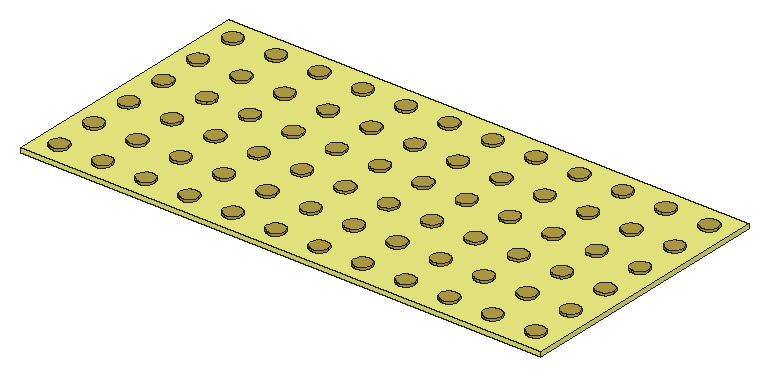
Revit family
Parameters
  폭 = 600 mm
  재료2 = 점자 블록 재료(2)
  재료 = 점자 블럭 재료
  높이 = 5 mm
  깊이 = 300 mm
Reference planes
  plane 1 "중심(앞/뒤)": y = 0
  plane 2: z = 0
  plane 3 "중심(왼쪽/오른쪽)": x = 0
  plane 4: x = 300
  plane 5: x = -300
  plane 6: y = 150
  plane 7: y = -150
  plane 8: z = 5
  plane 9: z = 7
Forms (mm)
  Extrusion 1, solid, material "점자 블럭 재료" <- "재료"
    sketch origin (0, 0, 0) x (1, 0, 0) y (0, 1, 0)
      loop
        line (-300, 150) -> (-300, -150) -> (300, -150) -> (300, 150) -> (-300, 150)
    from 0 to 5
  Extrusion 2, solid, material "점자 블록 재료(2)" <- "재료2"
    sketch origin (0, 0, 0) x (1, 0, 0) y (0, 1, 0)
      loop
        circle (-275, 125) r 10
    from 5 to 7
  Extrusion 3, solid, material "점자 블록 재료(2)" <- "재료2"
    sketch origin (50, 0, 0) x (1, 0, 0) y (0, 1, 0)
      loop
        circle (-275, 125) r 10
    from 5 to 7
  Extrusion 4, solid, material "점자 블록 재료(2)" <- "재료2"
    sketch origin (100, 0, 0) x (1, 0, 0) y (0, 1, 0)
      loop
        circle (-275, 125) r 10
    from 5 to 7
  Extrusion 5, solid, material "점자 블록 재료(2)" <- "재료2"
    sketch origin (150, 0, 0) x (1, 0, 0) y (0, 1, 0)
      loop
        circle (-275, 125) r 10
    from 5 to 7
  Extrusion 6, solid, material "점자 블록 재료(2)" <- "재료2"
    sketch origin (200, 0, 0) x (1, 0, 0) y (0, 1, 0)
      loop
        circle (-275, 125) r 10
    from 5 to 7
  Extrusion 7, solid, material "점자 블록 재료(2)" <- "재료2"
    sketch origin (250, 0, 0) x (1, 0, 0) y (0, 1, 0)
      loop
        circle (-275, 125) r 10
    from 5 to 7
  Extrusion 8, solid, material "점자 블록 재료(2)" <- "재료2"
    sketch origin (300, 0, 0) x (1, 0, 0) y (0, 1, 0)
      loop
        circle (-275, 125) r 10
    from 5 to 7
  Extrusion 9, solid, material "점자 블록 재료(2)" <- "재료2"
    sketch origin (350, 0, 0) x (1, 0, 0) y (0, 1, 0)
      loop
        circle (-275, 125) r 10
    from 5 to 7
  Extrusion 10, solid, material "점자 블록 재료(2)" <- "재료2"
    sketch origin (400, 0, 0) x (1, 0, 0) y (0, 1, 0)
      loop
        circle (-275, 125) r 10
    from 5 to 7
  Extrusion 11, solid, material "점자 블록 재료(2)" <- "재료2"
    sketch origin (450, 0, 0) x (1, 0, 0) y (0, 1, 0)
      loop
        circle (-275, 125) r 10
    from 5 to 7
  Extrusion 12, solid, material "점자 블록 재료(2)" <- "재료2"
    sketch origin (500, 0, 0) x (1, 0, 0) y (0, 1, 0)
      loop
        circle (-275, 125) r 10
    from 5 to 7
  Extrusion 13, solid, material "점자 블록 재료(2)" <- "재료2"
    sketch origin (550, 0, 0) x (1, 0, 0) y (0, 1, 0)
      loop
        circle (-275, 125) r 10
    from 5 to 7
  Extrusion 14, solid, material "점자 블록 재료(2)", not visible
    sketch origin (0, 0, 0) x (1, 0, 0) y (0, 1, 0)
      loop
        circle (-275, 125) r 10
    from 5 to 10
  Extrusion 15, solid, material "점자 블록 재료(2)" <- "재료2"
    sketch origin (0, -50, 0) x (1, 0, 0) y (0, 1, 0)
      loop
        circle (-275, 125) r 10
    from 5 to 7
  Extrusion 16, solid, material "점자 블록 재료(2)" <- "재료2"
    sketch origin (50, -50, 0) x (1, 0, 0) y (0, 1, 0)
      loop
        circle (-275, 125) r 10
    from 5 to 7
  Extrusion 17, solid, material "점자 블록 재료(2)" <- "재료2"
    sketch origin (100, -50, 0) x (1, 0, 0) y (0, 1, 0)
      loop
        circle (-275, 125) r 10
    from 5 to 7
  Extrusion 18, solid, material "점자 블록 재료(2)" <- "재료2"
    sketch origin (150, -50, 0) x (1, 0, 0) y (0, 1, 0)
      loop
        circle (-275, 125) r 10
    from 5 to 7
  Extrusion 19, solid, material "점자 블록 재료(2)" <- "재료2"
    sketch origin (200, -50, 0) x (1, 0, 0) y (0, 1, 0)
      loop
        circle (-275, 125) r 10
    from 5 to 7
  Extrusion 20, solid, material "점자 블록 재료(2)" <- "재료2"
    sketch origin (250, -50, 0) x (1, 0, 0) y (0, 1, 0)
      loop
        circle (-275, 125) r 10
    from 5 to 7
  Extrusion 21, solid, material "점자 블록 재료(2)" <- "재료2"
    sketch origin (300, -50, 0) x (1, 0, 0) y (0, 1, 0)
      loop
        circle (-275, 125) r 10
    from 5 to 7
  Extrusion 22, solid, material "점자 블록 재료(2)" <- "재료2"
    sketch origin (350, -50, 0) x (1, 0, 0) y (0, 1, 0)
      loop
        circle (-275, 125) r 10
    from 5 to 7
  Extrusion 23, solid, material "점자 블록 재료(2)" <- "재료2"
    sketch origin (400, -50, 0) x (1, 0, 0) y (0, 1, 0)
      loop
        circle (-275, 125) r 10
    from 5 to 7
  Extrusion 24, solid, material "점자 블록 재료(2)" <- "재료2"
    sketch origin (450, -50, 0) x (1, 0, 0) y (0, 1, 0)
      loop
        circle (-275, 125) r 10
    from 5 to 7
  Extrusion 25, solid, material "점자 블록 재료(2)" <- "재료2"
    sketch origin (500, -50, 0) x (1, 0, 0) y (0, 1, 0)
      loop
        circle (-275, 125) r 10
    from 5 to 7
  Extrusion 26, solid, material "점자 블록 재료(2)" <- "재료2"
    sketch origin (550, -50, 0) x (1, 0, 0) y (0, 1, 0)
      loop
        circle (-275, 125) r 10
    from 5 to 7
  Extrusion 27, solid, material "점자 블록 재료(2)" <- "재료2"
    sketch origin (0, -100, 0) x (1, 0, 0) y (0, 1, 0)
      loop
        circle (-275, 125) r 10
    from 5 to 7
  Extrusion 28, solid, material "점자 블록 재료(2)" <- "재료2"
    sketch origin (50, -100, 0) x (1, 0, 0) y (0, 1, 0)
      loop
        circle (-275, 125) r 10
    from 5 to 7
  Extrusion 29, solid, material "점자 블록 재료(2)" <- "재료2"
    sketch origin (100, -100, 0) x (1, 0, 0) y (0, 1, 0)
      loop
        circle (-275, 125) r 10
    from 5 to 7
  Extrusion 30, solid, material "점자 블록 재료(2)" <- "재료2"
    sketch origin (150, -100, 0) x (1, 0, 0) y (0, 1, 0)
      loop
        circle (-275, 125) r 10
    from 5 to 7
  Extrusion 31, solid, material "점자 블록 재료(2)" <- "재료2"
    sketch origin (200, -100, 0) x (1, 0, 0) y (0, 1, 0)
      loop
        circle (-275, 125) r 10
    from 5 to 7
  Extrusion 32, solid, material "점자 블록 재료(2)" <- "재료2"
    sketch origin (250, -100, 0) x (1, 0, 0) y (0, 1, 0)
      loop
        circle (-275, 125) r 10
    from 5 to 7
  Extrusion 33, solid, material "점자 블록 재료(2)" <- "재료2"
    sketch origin (300, -100, 0) x (1, 0, 0) y (0, 1, 0)
      loop
        circle (-275, 125) r 10
    from 5 to 7
  Extrusion 34, solid, material "점자 블록 재료(2)" <- "재료2"
    sketch origin (350, -100, 0) x (1, 0, 0) y (0, 1, 0)
      loop
        circle (-275, 125) r 10
    from 5 to 7
  Extrusion 35, solid, material "점자 블록 재료(2)" <- "재료2"
    sketch origin (400, -100, 0) x (1, 0, 0) y (0, 1, 0)
      loop
        circle (-275, 125) r 10
    from 5 to 7
  Extrusion 36, solid, material "점자 블록 재료(2)" <- "재료2"
    sketch origin (450, -100, 0) x (1, 0, 0) y (0, 1, 0)
      loop
        circle (-275, 125) r 10
    from 5 to 7
  Extrusion 37, solid, material "점자 블록 재료(2)" <- "재료2"
    sketch origin (500, -100, 0) x (1, 0, 0) y (0, 1, 0)
      loop
        circle (-275, 125) r 10
    from 5 to 7
  Extrusion 38, solid, material "점자 블록 재료(2)" <- "재료2"
    sketch origin (550, -100, 0) x (1, 0, 0) y (0, 1, 0)
      loop
        circle (-275, 125) r 10
    from 5 to 7
  Extrusion 39, solid, material "점자 블록 재료(2)" <- "재료2"
    sketch origin (0, -150, 0) x (1, 0, 0) y (0, 1, 0)
      loop
        circle (-275, 125) r 10
    from 5 to 7
  Extrusion 40, solid, material "점자 블록 재료(2)" <- "재료2"
    sketch origin (50, -150, 0) x (1, 0, 0) y (0, 1, 0)
      loop
        circle (-275, 125) r 10
    from 5 to 7
  Extrusion 41, solid, material "점자 블록 재료(2)" <- "재료2"
    sketch origin (100, -150, 0) x (1, 0, 0) y (0, 1, 0)
      loop
        circle (-275, 125) r 10
    from 5 to 7
  Extrusion 42, solid, material "점자 블록 재료(2)" <- "재료2"
    sketch origin (150, -150, 0) x (1, 0, 0) y (0, 1, 0)
      loop
        circle (-275, 125) r 10
    from 5 to 7
  Extrusion 43, solid, material "점자 블록 재료(2)" <- "재료2"
    sketch origin (200, -150, 0) x (1, 0, 0) y (0, 1, 0)
      loop
        circle (-275, 125) r 10
    from 5 to 7
  Extrusion 44, solid, material "점자 블록 재료(2)" <- "재료2"
    sketch origin (250, -150, 0) x (1, 0, 0) y (0, 1, 0)
      loop
        circle (-275, 125) r 10
    from 5 to 7
  Extrusion 45, solid, material "점자 블록 재료(2)" <- "재료2"
    sketch origin (300, -150, 0) x (1, 0, 0) y (0, 1, 0)
      loop
        circle (-275, 125) r 10
    from 5 to 7
  Extrusion 46, solid, material "점자 블록 재료(2)" <- "재료2"
    sketch origin (350, -150, 0) x (1, 0, 0) y (0, 1, 0)
      loop
        circle (-275, 125) r 10
    from 5 to 7
  Extrusion 47, solid, material "점자 블록 재료(2)" <- "재료2"
    sketch origin (400, -150, 0) x (1, 0, 0) y (0, 1, 0)
      loop
        circle (-275, 125) r 10
    from 5 to 7
  Extrusion 48, solid, material "점자 블록 재료(2)" <- "재료2"
    sketch origin (450, -150, 0) x (1, 0, 0) y (0, 1, 0)
      loop
        circle (-275, 125) r 10
    from 5 to 7
  Extrusion 49, solid, material "점자 블록 재료(2)" <- "재료2"
    sketch origin (500, -150, 0) x (1, 0, 0) y (0, 1, 0)
      loop
        circle (-275, 125) r 10
    from 5 to 7
  Extrusion 50, solid, material "점자 블록 재료(2)" <- "재료2"
    sketch origin (550, -150, 0) x (1, 0, 0) y (0, 1, 0)
      loop
        circle (-275, 125) r 10
    from 5 to 7
  Extrusion 51, solid, material "점자 블록 재료(2)" <- "재료2"
    sketch origin (0, -200, 0) x (1, 0, 0) y (0, 1, 0)
      loop
        circle (-275, 125) r 10
    from 5 to 7
  Extrusion 52, solid, material "점자 블록 재료(2)" <- "재료2"
    sketch origin (50, -200, 0) x (1, 0, 0) y (0, 1, 0)
      loop
        circle (-275, 125) r 10
    from 5 to 7
  Extrusion 53, solid, material "점자 블록 재료(2)" <- "재료2"
    sketch origin (100, -200, 0) x (1, 0, 0) y (0, 1, 0)
      loop
        circle (-275, 125) r 10
    from 5 to 7
  Extrusion 54, solid, material "점자 블록 재료(2)" <- "재료2"
    sketch origin (150, -200, 0) x (1, 0, 0) y (0, 1, 0)
      loop
        circle (-275, 125) r 10
    from 5 to 7
  Extrusion 55, solid, material "점자 블록 재료(2)" <- "재료2"
    sketch origin (200, -200, 0) x (1, 0, 0) y (0, 1, 0)
      loop
        circle (-275, 125) r 10
    from 5 to 7
  Extrusion 56, solid, material "점자 블록 재료(2)" <- "재료2"
    sketch origin (250, -200, 0) x (1, 0, 0) y (0, 1, 0)
      loop
        circle (-275, 125) r 10
    from 5 to 7
  Extrusion 57, solid, material "점자 블록 재료(2)" <- "재료2"
    sketch origin (300, -200, 0) x (1, 0, 0) y (0, 1, 0)
      loop
        circle (-275, 125) r 10
    from 5 to 7
  Extrusion 58, solid, material "점자 블록 재료(2)" <- "재료2"
    sketch origin (350, -200, 0) x (1, 0, 0) y (0, 1, 0)
      loop
        circle (-275, 125) r 10
    from 5 to 7
  Extrusion 59, solid, material "점자 블록 재료(2)" <- "재료2"
    sketch origin (400, -200, 0) x (1, 0, 0) y (0, 1, 0)
      loop
        circle (-275, 125) r 10
    from 5 to 7
  Extrusion 60, solid, material "점자 블록 재료(2)" <- "재료2"
    sketch origin (450, -200, 0) x (1, 0, 0) y (0, 1, 0)
      loop
        circle (-275, 125) r 10
    from 5 to 7
  Extrusion 61, solid, material "점자 블록 재료(2)" <- "재료2"
    sketch origin (500, -200, 0) x (1, 0, 0) y (0, 1, 0)
      loop
        circle (-275, 125) r 10
    from 5 to 7
  Extrusion 62, solid, material "점자 블록 재료(2)" <- "재료2"
    sketch origin (550, -200, 0) x (1, 0, 0) y (0, 1, 0)
      loop
        circle (-275, 125) r 10
    from 5 to 7
  Extrusion 63, solid, material "점자 블록 재료(2)" <- "재료2"
    sketch origin (0, -250, 0) x (1, 0, 0) y (0, 1, 0)
      loop
        circle (-275, 125) r 10
    from 5 to 7
  Extrusion 64, solid, material "점자 블록 재료(2)" <- "재료2"
    sketch origin (50, -250, 0) x (1, 0, 0) y (0, 1, 0)
      loop
        circle (-275, 125) r 10
    from 5 to 7
  Extrusion 65, solid, material "점자 블록 재료(2)" <- "재료2"
    sketch origin (100, -250, 0) x (1, 0, 0) y (0, 1, 0)
      loop
        circle (-275, 125) r 10
    from 5 to 7
  Extrusion 66, solid, material "점자 블록 재료(2)" <- "재료2"
    sketch origin (150, -250, 0) x (1, 0, 0) y (0, 1, 0)
      loop
        circle (-275, 125) r 10
    from 5 to 7
  Extrusion 67, solid, material "점자 블록 재료(2)" <- "재료2"
    sketch origin (200, -250, 0) x (1, 0, 0) y (0, 1, 0)
      loop
        circle (-275, 125) r 10
    from 5 to 7
  Extrusion 68, solid, material "점자 블록 재료(2)" <- "재료2"
    sketch origin (250, -250, 0) x (1, 0, 0) y (0, 1, 0)
      loop
        circle (-275, 125) r 10
    from 5 to 7
  Extrusion 69, solid, material "점자 블록 재료(2)" <- "재료2"
    sketch origin (300, -250, 0) x (1, 0, 0) y (0, 1, 0)
      loop
        circle (-275, 125) r 10
    from 5 to 7
  Extrusion 70, solid, material "점자 블록 재료(2)" <- "재료2"
    sketch origin (350, -250, 0) x (1, 0, 0) y (0, 1, 0)
      loop
        circle (-275, 125) r 10
    from 5 to 7
  Extrusion 71, solid, material "점자 블록 재료(2)" <- "재료2"
    sketch origin (400, -250, 0) x (1, 0, 0) y (0, 1, 0)
      loop
        circle (-275, 125) r 10
    from 5 to 7
  Extrusion 72, solid, material "점자 블록 재료(2)" <- "재료2"
    sketch origin (450, -250, 0) x (1, 0, 0) y (0, 1, 0)
      loop
        circle (-275, 125) r 10
    from 5 to 7
  Extrusion 73, solid, material "점자 블록 재료(2)" <- "재료2"
    sketch origin (500, -250, 0) x (1, 0, 0) y (0, 1, 0)
      loop
        circle (-275, 125) r 10
    from 5 to 7
  Extrusion 74, solid, material "점자 블록 재료(2)" <- "재료2"
    sketch origin (550, -250, 0) x (1, 0, 0) y (0, 1, 0)
      loop
        circle (-275, 125) r 10
    from 5 to 7
Lines and regions (mm)
  sketch lines
    curve 1: line (-2000, 2000, 0) -> (2000, 2000, 0)
    curve 2: line (-2000, 2000, 0) -> (-2000, -2000, 0)
    curve 3: line (-2000, -2000, 0) -> (2000, -2000, 0)
    curve 4: line (2000, 2000, 0) -> (2000, -2000, 0)
  symbolic lines, not visible
    curve 5: circle (-275, 125, 0) r 10 normal (0, 0, 1)
  model lines
    curve 6: line (0, 150, 5) -> (0, -150, 5)
Dimensions and locks
  "폭": plane 5 to plane 4
  equal spacing: plane 5, plane 3 "중심(왼쪽/오른쪽)", plane 4
  equal spacing: plane 7, plane 1 "중심(앞/뒤)", plane 6
  "깊이": plane 7 to plane 6
  "높이": plane 8 to level
  locked: plane 9 to plane 8 at 2
  aligned and locked: plane 5 to Extrusion 1 sketch curve
  aligned and locked: plane 6 to Extrusion 1 sketch curve
  aligned and locked: plane 7 to Extrusion 1 sketch curve
  aligned and locked: Extrusion 1 sketch curve to plane 4
  aligned and locked: Extrusion 2 to Extrusion 1
  aligned and locked: plane 9 to Extrusion 63
  aligned and locked: plane 8 to Extrusion 63
  aligned and locked: plane 9 to Extrusion 51
  aligned and locked: plane 8 to Extrusion 51
  aligned and locked: plane 9 to Extrusion 39
  aligned and locked: plane 8 to Extrusion 39
  aligned and locked: plane 9 to Extrusion 27
  aligned and locked: plane 8 to Extrusion 27
  aligned and locked: plane 9 to Extrusion 15
  aligned and locked: plane 8 to Extrusion 15
  aligned and locked: plane 9 to Extrusion 2
  aligned and locked: plane 8 to Extrusion 2
  aligned and locked: plane 9 to Extrusion 64
  aligned and locked: plane 8 to Extrusion 64
  aligned and locked: plane 9 to Extrusion 52
  aligned and locked: plane 8 to Extrusion 52
  aligned and locked: plane 9 to Extrusion 40
  aligned and locked: plane 8 to Extrusion 40
  aligned and locked: Extrusion 28 to Extrusion 64
  aligned and locked: plane 8 to Extrusion 28
  aligned and locked: plane 9 to Extrusion 16
  aligned and locked: plane 8 to Extrusion 16
  aligned and locked: plane 9 to Extrusion 3
  aligned and locked: plane 8 to Extrusion 3
  aligned and locked: plane 9 to Extrusion 65
  aligned and locked: plane 8 to Extrusion 65
  aligned and locked: plane 9 to Extrusion 53
  aligned and locked: plane 8 to Extrusion 53
  aligned and locked: plane 9 to Extrusion 41
  aligned and locked: plane 8 to Extrusion 41
  aligned and locked: plane 9 to Extrusion 29
  aligned and locked: plane 8 to Extrusion 29
  aligned and locked: plane 9 to Extrusion 17
  aligned and locked: plane 8 to Extrusion 17
  aligned and locked: plane 9 to Extrusion 4
  aligned and locked: plane 8 to Extrusion 4
  aligned and locked: plane 9 to Extrusion 66
  aligned and locked: plane 8 to Extrusion 66
  aligned and locked: plane 9 to Extrusion 54
  aligned and locked: plane 8 to Extrusion 54
  aligned and locked: plane 9 to Extrusion 42
  aligned and locked: plane 8 to Extrusion 42
  aligned and locked: plane 9 to Extrusion 30
  aligned and locked: plane 8 to Extrusion 30
  aligned and locked: plane 9 to Extrusion 18
  aligned and locked: plane 8 to Extrusion 18
  aligned and locked: plane 9 to Extrusion 5
  aligned and locked: plane 8 to Extrusion 5
  aligned and locked: plane 9 to Extrusion 67
  aligned and locked: plane 8 to Extrusion 67
  aligned and locked: plane 9 to Extrusion 55
  aligned and locked: plane 8 to Extrusion 55
  aligned and locked: plane 9 to Extrusion 43
  aligned and locked: plane 8 to Extrusion 43
  aligned and locked: plane 9 to Extrusion 31
  aligned and locked: plane 8 to Extrusion 31
  aligned and locked: plane 9 to Extrusion 19
  aligned and locked: plane 8 to Extrusion 19
  aligned and locked: plane 9 to Extrusion 6
  aligned and locked: plane 8 to Extrusion 6
  aligned and locked: plane 9 to Extrusion 68
  aligned and locked: plane 8 to Extrusion 68
  aligned and locked: plane 9 to Extrusion 56
  aligned and locked: plane 8 to Extrusion 56
  aligned and locked: plane 9 to Extrusion 44
  aligned and locked: plane 8 to Extrusion 44
  aligned and locked: plane 8 to Extrusion 32
  aligned and locked: plane 9 to Extrusion 20
  aligned and locked: plane 8 to Extrusion 20
  aligned and locked: plane 9 to Extrusion 7
  aligned and locked: plane 8 to Extrusion 7
  aligned and locked: plane 9 to Extrusion 69
  aligned and locked: plane 8 to Extrusion 69
  aligned and locked: plane 9 to Extrusion 57
  aligned and locked: plane 8 to Extrusion 57
  aligned and locked: plane 9 to Extrusion 45
  aligned and locked: plane 8 to Extrusion 45
  aligned and locked: plane 9 to Extrusion 33
  aligned and locked: plane 8 to Extrusion 33
  aligned and locked: plane 9 to Extrusion 21
  aligned and locked: plane 8 to Extrusion 21
  aligned and locked: plane 9 to Extrusion 8
  aligned and locked: plane 8 to Extrusion 8
  aligned and locked: plane 9 to Extrusion 70
  aligned and locked: plane 8 to Extrusion 70
  aligned and locked: plane 9 to Extrusion 58
  aligned and locked: plane 8 to Extrusion 58
  aligned and locked: plane 9 to Extrusion 46
  aligned and locked: plane 8 to Extrusion 46
  aligned and locked: plane 9 to Extrusion 34
  aligned and locked: plane 8 to Extrusion 34
  aligned and locked: plane 9 to Extrusion 22
  aligned and locked: plane 8 to Extrusion 22
  aligned and locked: plane 9 to Extrusion 9
  aligned and locked: plane 8 to Extrusion 9
  aligned and locked: plane 9 to Extrusion 71
  aligned and locked: plane 8 to Extrusion 71
  aligned and locked: plane 9 to Extrusion 59
  aligned and locked: plane 8 to Extrusion 59
  aligned and locked: plane 9 to Extrusion 47
  aligned and locked: plane 8 to Extrusion 47
  aligned and locked: plane 9 to Extrusion 35
  aligned and locked: plane 8 to Extrusion 35
  aligned and locked: plane 9 to Extrusion 10
  aligned and locked: plane 8 to Extrusion 10
  aligned and locked: plane 9 to Extrusion 72
  aligned and locked: plane 8 to Extrusion 72
  aligned and locked: plane 9 to Extrusion 60
  aligned and locked: plane 8 to Extrusion 60
  aligned and locked: plane 9 to Extrusion 48
  aligned and locked: plane 8 to Extrusion 48
  aligned and locked: plane 9 to Extrusion 36
  aligned and locked: plane 8 to Extrusion 36
  aligned and locked: plane 9 to Extrusion 24
  aligned and locked: plane 8 to Extrusion 24
  aligned and locked: plane 9 to Extrusion 11
  aligned and locked: plane 8 to Extrusion 11
  aligned and locked: plane 9 to Extrusion 73
  aligned and locked: plane 8 to Extrusion 73
  aligned and locked: plane 9 to Extrusion 61
  aligned and locked: plane 8 to Extrusion 61
  aligned and locked: plane 9 to Extrusion 49
  aligned and locked: plane 8 to Extrusion 49
  aligned and locked: plane 9 to Extrusion 37
  aligned and locked: plane 8 to Extrusion 37
  aligned and locked: plane 9 to Extrusion 25
  aligned and locked: plane 8 to Extrusion 25
  aligned and locked: plane 9 to Extrusion 12
  aligned and locked: plane 8 to Extrusion 12
  aligned and locked: plane 9 to Extrusion 74
  aligned and locked: plane 8 to Extrusion 74
  aligned and locked: plane 9 to Extrusion 62
  aligned and locked: plane 8 to Extrusion 62
  aligned and locked: plane 9 to Extrusion 50
  aligned and locked: plane 8 to Extrusion 50
  aligned and locked: plane 9 to Extrusion 38
  aligned and locked: plane 8 to Extrusion 38
  aligned and locked: plane 9 to Extrusion 26
  aligned and locked: plane 8 to Extrusion 26
  aligned and locked: plane 9 to Extrusion 13
  aligned and locked: plane 8 to Extrusion 13
  aligned and locked: plane 9 to Extrusion 32
  aligned and locked: plane 8 to Extrusion 23
  aligned and locked: plane 9 to Extrusion 23
Automatic sketch dimensions
  curve 2 to curve 3 = 4000 mm
  curve 2 to curve 2 = 4000 mm
  Extrusion 13 sketch curve to plane 4 = 25 mm
  Extrusion 26 sketch curve to plane 4 = 25 mm
  Extrusion 38 sketch curve to plane 4 = 25 mm
  Extrusion 50 sketch curve to plane 4 = 25 mm
  Extrusion 62 sketch curve to plane 4 = 25 mm
  Extrusion 74 sketch curve to plane 4 = 25 mm
  plane 3 "중심(왼쪽/오른쪽)" to Extrusion 8 sketch curve = 25 mm
  plane 3 "중심(왼쪽/오른쪽)" to Extrusion 9 sketch curve = 75 mm
  plane 3 "중심(왼쪽/오른쪽)" to Extrusion 10 sketch curve = 125 mm
  Extrusion 11 sketch curve to plane 4 = 125 mm
  Extrusion 12 sketch curve to plane 4 = 75 mm
  plane 3 "중심(왼쪽/오른쪽)" to Extrusion 21 sketch curve = 25 mm
  plane 3 "중심(왼쪽/오른쪽)" to Extrusion 22 sketch curve = 75 mm
  plane 3 "중심(왼쪽/오른쪽)" to Extrusion 23 sketch curve = 125 mm
  Extrusion 24 sketch curve to plane 4 = 125 mm
  Extrusion 25 sketch curve to plane 4 = 75 mm
  plane 3 "중심(왼쪽/오른쪽)" to Extrusion 33 sketch curve = 25 mm
  plane 3 "중심(왼쪽/오른쪽)" to Extrusion 34 sketch curve = 75 mm
  plane 3 "중심(왼쪽/오른쪽)" to Extrusion 35 sketch curve = 125 mm
  Extrusion 36 sketch curve to plane 4 = 125 mm
  Extrusion 37 sketch curve to plane 4 = 75 mm
  plane 3 "중심(왼쪽/오른쪽)" to Extrusion 45 sketch curve = 25 mm
  plane 3 "중심(왼쪽/오른쪽)" to Extrusion 46 sketch curve = 75 mm
  plane 3 "중심(왼쪽/오른쪽)" to Extrusion 47 sketch curve = 125 mm
  Extrusion 48 sketch curve to plane 4 = 125 mm
  Extrusion 49 sketch curve to plane 4 = 75 mm
  plane 3 "중심(왼쪽/오른쪽)" to Extrusion 57 sketch curve = 25 mm
  plane 3 "중심(왼쪽/오른쪽)" to Extrusion 58 sketch curve = 75 mm
  plane 3 "중심(왼쪽/오른쪽)" to Extrusion 59 sketch curve = 125 mm
  Extrusion 60 sketch curve to plane 4 = 125 mm
  Extrusion 61 sketch curve to plane 4 = 75 mm
  plane 3 "중심(왼쪽/오른쪽)" to Extrusion 69 sketch curve = 25 mm
  plane 3 "중심(왼쪽/오른쪽)" to Extrusion 70 sketch curve = 75 mm
  plane 3 "중심(왼쪽/오른쪽)" to Extrusion 71 sketch curve = 125 mm
  Extrusion 72 sketch curve to plane 4 = 125 mm
  Extrusion 73 sketch curve to plane 4 = 75 mm
  Extrusion 7 sketch curve to plane 3 "중심(왼쪽/오른쪽)" = 25 mm
  Extrusion 20 sketch curve to plane 3 "중심(왼쪽/오른쪽)" = 25 mm
  Extrusion 32 sketch curve to plane 3 "중심(왼쪽/오른쪽)" = 25 mm
  Extrusion 44 sketch curve to plane 3 "중심(왼쪽/오른쪽)" = 25 mm
  Extrusion 56 sketch curve to plane 3 "중심(왼쪽/오른쪽)" = 25 mm
  Extrusion 68 sketch curve to plane 3 "중심(왼쪽/오른쪽)" = 25 mm
  plane 5 to Extrusion 2 sketch curve = 25 mm
  plane 5 to Extrusion 3 sketch curve = 75 mm
  plane 5 to Extrusion 4 sketch curve = 125 mm
  Extrusion 5 sketch curve to plane 3 "중심(왼쪽/오른쪽)" = 125 mm
  Extrusion 6 sketch curve to plane 3 "중심(왼쪽/오른쪽)" = 75 mm
  plane 5 to Extrusion 15 sketch curve = 25 mm
  plane 5 to Extrusion 16 sketch curve = 75 mm
  plane 5 to Extrusion 17 sketch curve = 125 mm
  Extrusion 18 sketch curve to plane 3 "중심(왼쪽/오른쪽)" = 125 mm
  Extrusion 19 sketch curve to plane 3 "중심(왼쪽/오른쪽)" = 75 mm
  plane 5 to Extrusion 27 sketch curve = 25 mm
  plane 5 to Extrusion 28 sketch curve = 75 mm
  plane 5 to Extrusion 29 sketch curve = 125 mm
  Extrusion 30 sketch curve to plane 3 "중심(왼쪽/오른쪽)" = 125 mm
  Extrusion 31 sketch curve to plane 3 "중심(왼쪽/오른쪽)" = 75 mm
  plane 5 to Extrusion 39 sketch curve = 25 mm
  plane 5 to Extrusion 40 sketch curve = 75 mm
  plane 5 to Extrusion 41 sketch curve = 125 mm
  Extrusion 42 sketch curve to plane 3 "중심(왼쪽/오른쪽)" = 125 mm
  Extrusion 43 sketch curve to plane 3 "중심(왼쪽/오른쪽)" = 75 mm
  plane 5 to Extrusion 51 sketch curve = 25 mm
  plane 5 to Extrusion 52 sketch curve = 75 mm
  plane 5 to Extrusion 53 sketch curve = 125 mm
  Extrusion 54 sketch curve to plane 3 "중심(왼쪽/오른쪽)" = 125 mm
  Extrusion 55 sketch curve to plane 3 "중심(왼쪽/오른쪽)" = 75 mm
  plane 5 to Extrusion 63 sketch curve = 25 mm
  plane 5 to Extrusion 64 sketch curve = 75 mm
  plane 5 to Extrusion 65 sketch curve = 125 mm
  Extrusion 66 sketch curve to plane 3 "중심(왼쪽/오른쪽)" = 125 mm
  Extrusion 67 sketch curve to plane 3 "중심(왼쪽/오른쪽)" = 75 mm
  plane 1 "중심(앞/뒤)" to Extrusion 39 sketch curve = 25 mm
  plane 1 "중심(앞/뒤)" to Extrusion 40 sketch curve = 25 mm
  plane 1 "중심(앞/뒤)" to Extrusion 41 sketch curve = 25 mm
  plane 1 "중심(앞/뒤)" to Extrusion 42 sketch curve = 25 mm
  plane 1 "중심(앞/뒤)" to Extrusion 43 sketch curve = 25 mm
  plane 1 "중심(앞/뒤)" to Extrusion 44 sketch curve = 25 mm
  plane 1 "중심(앞/뒤)" to Extrusion 45 sketch curve = 25 mm
  plane 1 "중심(앞/뒤)" to Extrusion 46 sketch curve = 25 mm
  plane 1 "중심(앞/뒤)" to Extrusion 47 sketch curve = 25 mm
  plane 1 "중심(앞/뒤)" to Extrusion 48 sketch curve = 25 mm
  plane 1 "중심(앞/뒤)" to Extrusion 49 sketch curve = 25 mm
  plane 1 "중심(앞/뒤)" to Extrusion 50 sketch curve = 25 mm
  plane 1 "중심(앞/뒤)" to Extrusion 51 sketch curve = 75 mm
  plane 1 "중심(앞/뒤)" to Extrusion 52 sketch curve = 75 mm
  plane 1 "중심(앞/뒤)" to Extrusion 53 sketch curve = 75 mm
  plane 1 "중심(앞/뒤)" to Extrusion 54 sketch curve = 75 mm
  plane 1 "중심(앞/뒤)" to Extrusion 55 sketch curve = 75 mm
  plane 1 "중심(앞/뒤)" to Extrusion 56 sketch curve = 75 mm
  plane 1 "중심(앞/뒤)" to Extrusion 57 sketch curve = 75 mm
  plane 1 "중심(앞/뒤)" to Extrusion 58 sketch curve = 75 mm
  plane 1 "중심(앞/뒤)" to Extrusion 59 sketch curve = 75 mm
  plane 1 "중심(앞/뒤)" to Extrusion 60 sketch curve = 75 mm
  plane 1 "중심(앞/뒤)" to Extrusion 61 sketch curve = 75 mm
  plane 1 "중심(앞/뒤)" to Extrusion 62 sketch curve = 75 mm
  Extrusion 63 sketch curve to plane 7 = 25 mm
  Extrusion 64 sketch curve to plane 7 = 25 mm
  Extrusion 65 sketch curve to plane 7 = 25 mm
  Extrusion 66 sketch curve to plane 7 = 25 mm
  Extrusion 67 sketch curve to plane 7 = 25 mm
  Extrusion 68 sketch curve to plane 7 = 25 mm
  Extrusion 69 sketch curve to plane 7 = 25 mm
  Extrusion 70 sketch curve to plane 7 = 25 mm
  Extrusion 71 sketch curve to plane 7 = 25 mm
  Extrusion 72 sketch curve to plane 7 = 25 mm
  Extrusion 73 sketch curve to plane 7 = 25 mm
  Extrusion 74 sketch curve to plane 7 = 25 mm
  plane 6 to Extrusion 2 sketch curve = 25 mm
  plane 6 to Extrusion 3 sketch curve = 25 mm
  plane 6 to Extrusion 4 sketch curve = 25 mm
  plane 6 to Extrusion 5 sketch curve = 25 mm
  plane 6 to Extrusion 6 sketch curve = 25 mm
  plane 6 to Extrusion 7 sketch curve = 25 mm
  plane 6 to Extrusion 8 sketch curve = 25 mm
  plane 6 to Extrusion 9 sketch curve = 25 mm
  plane 6 to Extrusion 10 sketch curve = 25 mm
  plane 6 to Extrusion 11 sketch curve = 25 mm
  plane 6 to Extrusion 12 sketch curve = 25 mm
  plane 6 to Extrusion 13 sketch curve = 25 mm
  Extrusion 15 sketch curve to plane 1 "중심(앞/뒤)" = 75 mm
  Extrusion 16 sketch curve to plane 1 "중심(앞/뒤)" = 75 mm
  Extrusion 17 sketch curve to plane 1 "중심(앞/뒤)" = 75 mm
  Extrusion 18 sketch curve to plane 1 "중심(앞/뒤)" = 75 mm
  Extrusion 19 sketch curve to plane 1 "중심(앞/뒤)" = 75 mm
  Extrusion 20 sketch curve to plane 1 "중심(앞/뒤)" = 75 mm
  Extrusion 21 sketch curve to plane 1 "중심(앞/뒤)" = 75 mm
  Extrusion 22 sketch curve to plane 1 "중심(앞/뒤)" = 75 mm
  Extrusion 23 sketch curve to plane 1 "중심(앞/뒤)" = 75 mm
  Extrusion 24 sketch curve to plane 1 "중심(앞/뒤)" = 75 mm
  Extrusion 25 sketch curve to plane 1 "중심(앞/뒤)" = 75 mm
  Extrusion 26 sketch curve to plane 1 "중심(앞/뒤)" = 75 mm
  Extrusion 27 sketch curve to plane 1 "중심(앞/뒤)" = 25 mm
  Extrusion 28 sketch curve to plane 1 "중심(앞/뒤)" = 25 mm
  Extrusion 29 sketch curve to plane 1 "중심(앞/뒤)" = 25 mm
  Extrusion 30 sketch curve to plane 1 "중심(앞/뒤)" = 25 mm
  Extrusion 31 sketch curve to plane 1 "중심(앞/뒤)" = 25 mm
  Extrusion 32 sketch curve to plane 1 "중심(앞/뒤)" = 25 mm
  Extrusion 33 sketch curve to plane 1 "중심(앞/뒤)" = 25 mm
  Extrusion 34 sketch curve to plane 1 "중심(앞/뒤)" = 25 mm
  Extrusion 35 sketch curve to plane 1 "중심(앞/뒤)" = 25 mm
  Extrusion 36 sketch curve to plane 1 "중심(앞/뒤)" = 25 mm
  Extrusion 37 sketch curve to plane 1 "중심(앞/뒤)" = 25 mm
  Extrusion 38 sketch curve to plane 1 "중심(앞/뒤)" = 25 mm
  curve 6 to plane 3 "중심(왼쪽/오른쪽)" = 0 mm
  curve 6 to plane 6 = 0 mm
  curve 6 to plane 7 = 0 mm
  radius of Extrusion 2 sketch curve = 10 mm
  radius of Extrusion 3 sketch curve = 10 mm
  radius of Extrusion 4 sketch curve = 10 mm
  radius of Extrusion 5 sketch curve = 10 mm
  radius of Extrusion 6 sketch curve = 10 mm
  radius of Extrusion 7 sketch curve = 10 mm
  radius of Extrusion 8 sketch curve = 10 mm
  radius of Extrusion 9 sketch curve = 10 mm
  radius of Extrusion 10 sketch curve = 10 mm
  radius of Extrusion 11 sketch curve = 10 mm
  radius of Extrusion 12 sketch curve = 10 mm
  radius of Extrusion 13 sketch curve = 10 mm
  radius of Extrusion 14 sketch curve = 10 mm
  radius of Extrusion 15 sketch curve = 10 mm
  radius of Extrusion 16 sketch curve = 10 mm
  radius of Extrusion 17 sketch curve = 10 mm
  radius of Extrusion 18 sketch curve = 10 mm
  radius of Extrusion 19 sketch curve = 10 mm
  radius of Extrusion 20 sketch curve = 10 mm
  radius of Extrusion 21 sketch curve = 10 mm
  radius of Extrusion 22 sketch curve = 10 mm
  radius of Extrusion 23 sketch curve = 10 mm
  radius of Extrusion 24 sketch curve = 10 mm
  radius of Extrusion 25 sketch curve = 10 mm
  radius of Extrusion 26 sketch curve = 10 mm
  radius of Extrusion 27 sketch curve = 10 mm
  radius of Extrusion 28 sketch curve = 10 mm
  radius of Extrusion 29 sketch curve = 10 mm
  radius of Extrusion 30 sketch curve = 10 mm
  radius of Extrusion 31 sketch curve = 10 mm
  radius of Extrusion 32 sketch curve = 10 mm
  radius of Extrusion 33 sketch curve = 10 mm
  radius of Extrusion 34 sketch curve = 10 mm
  radius of Extrusion 35 sketch curve = 10 mm
  radius of Extrusion 36 sketch curve = 10 mm
  radius of Extrusion 37 sketch curve = 10 mm
  radius of Extrusion 38 sketch curve = 10 mm
  radius of Extrusion 39 sketch curve = 10 mm
  radius of Extrusion 40 sketch curve = 10 mm
  radius of Extrusion 41 sketch curve = 10 mm
  radius of Extrusion 42 sketch curve = 10 mm
  radius of Extrusion 43 sketch curve = 10 mm
  radius of Extrusion 44 sketch curve = 10 mm
  radius of Extrusion 45 sketch curve = 10 mm
  radius of Extrusion 46 sketch curve = 10 mm
  radius of Extrusion 47 sketch curve = 10 mm
  radius of Extrusion 48 sketch curve = 10 mm
  radius of Extrusion 49 sketch curve = 10 mm
  radius of Extrusion 50 sketch curve = 10 mm
  radius of Extrusion 51 sketch curve = 10 mm
  radius of Extrusion 52 sketch curve = 10 mm
  radius of Extrusion 53 sketch curve = 10 mm
  radius of Extrusion 54 sketch curve = 10 mm
  radius of Extrusion 55 sketch curve = 10 mm
  radius of Extrusion 56 sketch curve = 10 mm
  radius of Extrusion 57 sketch curve = 10 mm
  radius of Extrusion 58 sketch curve = 10 mm
  radius of Extrusion 59 sketch curve = 10 mm
  radius of Extrusion 60 sketch curve = 10 mm
  radius of Extrusion 61 sketch curve = 10 mm
  radius of Extrusion 62 sketch curve = 10 mm
  radius of Extrusion 63 sketch curve = 10 mm
  radius of Extrusion 64 sketch curve = 10 mm
  radius of Extrusion 65 sketch curve = 10 mm
  radius of Extrusion 66 sketch curve = 10 mm
  radius of Extrusion 67 sketch curve = 10 mm
  radius of Extrusion 68 sketch curve = 10 mm
  radius of Extrusion 69 sketch curve = 10 mm
  radius of Extrusion 70 sketch curve = 10 mm
  radius of Extrusion 71 sketch curve = 10 mm
  radius of Extrusion 72 sketch curve = 10 mm
  radius of Extrusion 73 sketch curve = 10 mm
  radius of Extrusion 74 sketch curve = 10 mm
